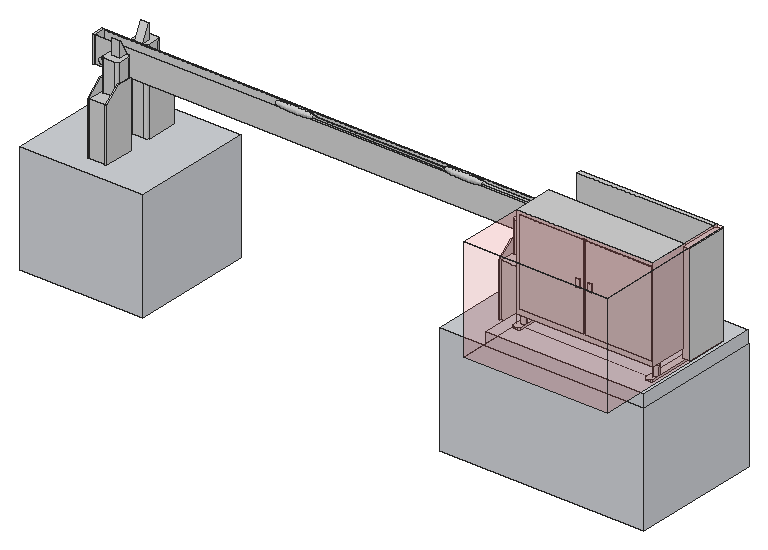
Revit family "Barrier_Gate-Assembly_AutoGate_Shield-M30", category Generic Models, Revit 2015
Parameters (values of type "as Specified")
  lightcontrol [instance] = Clear Opening Width / 2  # 8' - 0"
  gateclear [instance] = 1' - 3"  # constant formula
  Warranty Duration (Years) = 0
  Warning Light Color [instance] = none
  Unit Width [instance] = Clear Opening Width + 1' 8" + 1' 9"  # 19' - 5"
  Unit Height [instance] = 8' - 0"
  Unit Depth = 0' - 4"
  URL = "http://autogate.com/"
  Standards Conformance = "ASTM F2656 M30/P1  ;  DOS K4/L3"
  Specification = "http://www.arcat.com/sdspecs/htm04/32_31_00saf.htm"
  SpecWizard = ""
  Space Below Gate [instance] = 0' - 3"
  Show Default Concrete Foundation [instance] = yes
  Show Clearance Box for Operator Maintenance [instance] = yes
  Shield Arm Color [instance] = Metal - Aluminum - Finish as Specified
  Send Message = ""
  Sales Information = "http://autogate.com/about-us/contact/"
  Revision = "R1_2016-11"
  Product Properties = ""
  Product Data = "http://www.arcat.com/arcatcos/cos48/arc48891.html"
  Model = "The Shield M30"
  Maximum Clear Opening [instance] = 20' - 0"  # constant formula
  Mass Interior Design Shape Visible [instance] = yes
  Manufacturer Website = "http://autogate.com/"
  Manufacturer Phone - Toll Free = "800-944-4283"
  Manufacturer Phone = "419-588-2796"
  Manufacturer Fax = "419-588-3514"
  Manufacturer Address = "7306 Driver Rd.  P. O. Box 50  Berlin Heights, OH 44814"
  Manufacturer = "AutoGate, Inc"
  Maintenance Schedule (Months) = 0
  Lift Travel Speed = "7 - 14 seconds"
  Keynote = "32 21 00"
  Installation-Fabrication = ""
  Installation Phase = ""
  Include Warning Lights [instance] = yes
  Has Battery Backup = no
  Hardware Finish [instance] = Metal - Aluminum - Finish as Specified
  Green Building-LEED = ""
  Frame Finish [instance] = Metal - Aluminum - Finish as Specified
  Expected Lifespan (Years) = 0
  Electrical_Voltage = 115 V
  Drawn By = "Sumex Design, Inc. / Robert S. Weygant, CSI, CDT, SCIP"
  Description = "AutoGate Anti-Ram M30 Vertical Pivot Gate - The Shield with Arm Design as Specified"
  Default Elevation = 0' - 0"
  Cover Finish [instance] = Metal - Aluminum - Finish as Specified
  Copyright = "©Arcat Inc."
  Construction Details = "http://www.arcat.com/details/autogate/autogate.html?coid=48891"
  Clearance Material [instance] = ARCAT Clearance
  Clear Opening Width [instance] = 16' - 0"
  Bottom Rail Height [instance] = 0' - 2"  # constant formula
  Barrier Open [instance] = not(Barrier Closed)  # no
  Barrier Interior Material [instance] = Metal - Linked Aluminum - Finish as Specified
  Barrier Closed [instance] = yes
  Available Options [instance] = "as Specified"
  Assembly Code = "E1030900"
Reference planes (in)
  plane 1 "Center (Front/Back)": y = 0
  plane 2 "Bottom": z = 0
  plane 3 "Center (Left/Right)": x = 0
  plane 4: x = -96
  plane 5: x = 96
  plane 6: z = 15
  plane 7: x = 114
  plane 8: z = 36
  plane 9: z = 228
Forms (in)
  Extrusion 1, solid, visible <- "Show Default Concrete Foundation"
    sketch origin (0, 0, 0) x (1, 0, 0) y (0, 1, 0)
      loop
        line (-130.75, 30) -> (-130.75, -30) -> (-70.75, -30) -> (-70.75, 30) -> (-130.75, 30)
      loop
        line (82.75, -40) -> (182.75, -40) -> (182.75, 24) -> (82.75, 24) -> (82.75, -40)
    from 0 to -54
  Extrusion 2, solid, visible <- "Show Default Concrete Foundation"
    sketch origin (0, 0, 0) x (1, 0, 0) y (0, 1, 0)
      loop
        line (105.5, 24) -> (105.5, -40) -> (182.75, -40) -> (182.75, 24) -> (105.5, 24)
    from 0 to 6
  Extrusion 3, solid, material "Metal - Aluminum - Finish as Specified" <- "Hardware Finish"
    sketch origin (0, 0, 0) x (1, 0, 0) y (0, 1, 0)
      loop
        line (-98, -5) -> (-103.5, -5)
        arc (-103.5, -5) -> (-104.38388, -5.36612) -> (-104.75, -6.25) r 1.25
        line (-104.75, -6.25) -> (-104.75, -11.75)
        arc (-104.75, -11.75) -> (-104.38388, -12.63388) -> (-103.5, -13) r 1.25
        line (-103.5, -13) -> (-98, -13)
        arc (-98, -13) -> (-97.11612, -12.63388) -> (-96.75, -11.75) r 1.25
        line (-96.75, -11.75) -> (-96.75, -6.25)
        arc (-96.75, -6.25) -> (-97.11612, -5.36612) -> (-98, -5) r 1.25
      loop
        arc (-98, 5) -> (-97.11612, 5.36612) -> (-96.75, 6.25) r 1.25
        line (-96.75, 6.25) -> (-96.75, 11.75)
        arc (-96.75, 11.75) -> (-97.11612, 12.63388) -> (-98, 13) r 1.25
        line (-98, 13) -> (-103.5, 13)
        arc (-103.5, 13) -> (-104.38388, 12.63388) -> (-104.75, 11.75) r 1.25
        line (-104.75, 11.75) -> (-104.75, 6.25)
        arc (-104.75, 6.25) -> (-104.38388, 5.36612) -> (-103.5, 5) r 1.25
        line (-103.5, 5) -> (-98, 5)
      loop
        arc (98, -5) -> (97.11612, -5.36612) -> (96.75, -6.25) r 1.25
        line (96.75, -6.25) -> (96.75, -11.75)
        arc (96.75, -11.75) -> (97.11612, -12.63388) -> (98, -13) r 1.25
        line (98, -13) -> (103.5, -13)
        arc (103.5, -13) -> (104.38388, -12.63388) -> (104.75, -11.75) r 1.25
        line (104.75, -11.75) -> (104.75, -6.25)
        arc (104.75, -6.25) -> (104.38388, -5.36612) -> (103.5, -5) r 1.25
        line (103.5, -5) -> (98, -5)
      loop
        line (98, 5) -> (103.5, 5)
        arc (103.5, 5) -> (104.38388, 5.36612) -> (104.75, 6.25) r 1.25
        line (104.75, 6.25) -> (104.75, 11.75)
        arc (104.75, 11.75) -> (104.38388, 12.63388) -> (103.5, 13) r 1.25
        line (103.5, 13) -> (98, 13)
        arc (98, 13) -> (97.11612, 12.63388) -> (96.75, 11.75) r 1.25
        line (96.75, 11.75) -> (96.75, 6.25)
        arc (96.75, 6.25) -> (97.11612, 5.36612) -> (98, 5) r 1.25
    from 0 to 41
  Extrusion 4, solid, material "Metal - Aluminum - Finish as Specified" <- "Shield Arm Color", visible <- "Barrier Closed"
    sketch origin (0, 0, 0) x (1, 0, 0) y (0, 0, 1)
      loop
        line (-116, 42.5) -> (-116, 29.5) -> (118, 29.5) -> (118, 42.5) -> (-116, 42.5)
    from 2.5574 to 2.77886
  Extrusion 5, solid, material "Metal - Aluminum - Finish as Specified" <- "Shield Arm Color", visible <- "Barrier Closed"
    sketch origin (0, 0, 0) x (1, 0, 0) y (0, 0, -1)
      loop
        line (-116, -42.5) -> (118, -42.5) -> (118, -29.5) -> (-116, -29.5) -> (-116, -42.5)
    from 2.5574 to 2.77886
  Extrusion 6, solid, material "Metal - Aluminum - Finish as Specified" <- "Shield Arm Color", visible <- "Barrier Open"
    sketch origin (127.5, 0, 141.5) x (0, 0, -1) y (1, 0, 0)
      loop
        line (-106.75, 11.5) -> (-106.75, -3) -> (105.5, -3) -> (105.5, 11.5) -> (-106.75, 11.5)
    from 2.5574 to 2.77886
  Extrusion 7, solid, material "Metal - Aluminum - Finish as Specified" <- "Shield Arm Color", visible <- "Barrier Open"
    sketch origin (127.5, 0, 141.5) x (0, 0, -1) y (-1, 0, 0)
      loop
        line (-106.75, -11.5) -> (105.5, -11.5) -> (105.5, 3) -> (-106.75, 3) -> (-106.75, -11.5)
    from 2.5574 to 2.77886
  Extrusion 8, solid, material "Metal - Aluminum - Finish as Specified" <- "Shield Arm Color", visible <- "Barrier Closed"
    sketch origin (0, 0, 0) x (1, 0, 0) y (0, 0, 1)
      loop
        line (-117, 42.5) -> (-117, 29.5) -> (-116, 29.5) -> (-116, 42.5) -> (-117, 42.5)
    from -2.77886 to 2.77886
  Extrusion 9, solid, material "Metal - Aluminum - Finish as Specified" <- "Shield Arm Color", visible <- "Barrier Open"
    sketch origin (0, 0, 0) x (1, 0, 0) y (0, 0, 1)
      loop
        line (124.5, 248.25) -> (139, 248.25) -> (139, 249.25) -> (124.5, 249.25) -> (124.5, 248.25)
    from -2.77886 to 2.77886
  Extrusion 10, solid, material "Metal - Aluminum - Finish as Specified" <- "Hardware Finish"
    sketch origin (-96, -180, 63.31719) x (0, 0, 1) y (0, -1, 0)
      loop
        line (-22.31719, -175) -> (-14.81719, -171) -> (-22.31719, -171) -> (-22.31719, -175)
      loop
        line (-22.31719, -185) -> (-22.31719, -189) -> (-14.81719, -189) -> (-22.31719, -185)
    from -6.75 to -2.75
  Extrusion 11, solid, material "Metal - Aluminum - Finish as Specified" <- "Hardware Finish"
    sketch origin (-96, -180, 63.31719) x (0, 0, 1) y (0, -1, 0)
      loop
        line (-63.31719, -174) -> (-31.31719, -174) -> (-31.31719, -167) -> (-37.31719, -159.5) -> (-63.31719, -159.5) -> (-63.31719, -174)
    from 0 to -0.75
  Extrusion 12, solid, material "Metal - Aluminum - Finish as Specified" <- "Hardware Finish"
    sketch origin (-96, -180, 63.31719) x (0, 0, 1) y (0, -1, 0)
      loop
        line (-63.31719, -174) -> (-31.31719, -174) -> (-31.31719, -167) -> (-37.31719, -159.5) -> (-63.31719, -159.5) -> (-63.31719, -174)
    from -9.5 to -8.75
  Extrusion 13, solid, material "Metal - Aluminum - Finish as Specified" <- "Hardware Finish"
    sketch origin (-96, 180, 63.31719) x (0, 0, 1) y (0, -1, 0)
      loop
        line (-63.31719, 174) -> (-63.31719, 159.5) -> (-37.31719, 159.5) -> (-31.31719, 167) -> (-31.31719, 174) -> (-63.31719, 174)
    from 0 to -0.75
  Extrusion 14, solid, material "Metal - Aluminum - Finish as Specified" <- "Hardware Finish"
    sketch origin (-96, 180, 63.31719) x (0, 0, 1) y (0, -1, 0)
      loop
        line (-63.31719, 174) -> (-63.31719, 159.5) -> (-37.31719, 159.5) -> (-31.31719, 167) -> (-31.31719, 174) -> (-63.31719, 174)
    from -9.5 to -8.75
  Extrusion 15, solid, material "Metal - Aluminum - Finish as Specified" <- "Hardware Finish"
    sketch origin (0, 0, 0) x (1, 0, 0) y (0, 1, 0)
      loop
        line (-104.75, -11.75) -> (-104.75, -20.25) -> (-96.75, -20.25) -> (-96.75, -11.75) -> (-104.75, -11.75)
      loop
        line (-104.75, 11.75) -> (-96.75, 11.75) -> (-96.75, 20.25) -> (-104.75, 20.25) -> (-104.75, 11.75)
      loop
        line (104.75, -11.75) -> (96.75, -11.75) -> (96.75, -20.25) -> (104.75, -20.25) -> (104.75, -11.75)
      loop
        line (104.75, 11.75) -> (104.75, 20.25) -> (96.75, 20.25) -> (96.75, 11.75) -> (104.75, 11.75)
    from 0 to 25.96348
  Extrusion 16, solid, material "Metal - Aluminum - Finish as Specified" <- "Hardware Finish"
    sketch origin (96, -180, 63.31719) x (0, 0, 1) y (0, -1, 0)
      loop
        line (-63.31719, -174) -> (-31.31719, -174) -> (-31.31719, -167) -> (-37.31719, -159.5) -> (-63.31719, -159.5) -> (-63.31719, -174)
    from 0 to 0.75
  Extrusion 17, solid, material "Metal - Aluminum - Finish as Specified" <- "Hardware Finish"
    sketch origin (96, -180, 63.31719) x (0, 0, 1) y (0, -1, 0)
      loop
        line (-63.31719, -174) -> (-31.31719, -174) -> (-31.31719, -167) -> (-37.31719, -159.5) -> (-63.31719, -159.5) -> (-63.31719, -174)
    from 9.5 to 8.75
  Extrusion 18, solid, material "Metal - Aluminum - Finish as Specified" <- "Hardware Finish"
    sketch origin (96, -180, 63.31719) x (0, 0, 1) y (0, -1, 0)
      loop
        line (-63.31719, -186) -> (-63.31719, -200.5) -> (-37.31719, -200.5) -> (-31.31719, -193) -> (-31.31719, -186) -> (-63.31719, -186)
    from 0 to 0.75
  Extrusion 19, solid, material "Metal - Aluminum - Finish as Specified" <- "Hardware Finish"
    sketch origin (96, -180, 63.31719) x (0, 0, 1) y (0, -1, 0)
      loop
        line (-63.31719, -186) -> (-63.31719, -200.5) -> (-37.31719, -200.5) -> (-31.31719, -193) -> (-31.31719, -186) -> (-63.31719, -186)
    from 9.5 to 8.75
  Extrusion 20, solid, material "Metal - Aluminum - Finish as Specified" <- "Shield Arm Color"
    sketch origin (0, 0, 0) x (1, 0, 0) y (0, 0, 1)
      loop
        circle (-109, 35.5) r 1.25
      loop
        circle (106.25, 35.5) r 1.25
    from 7.5 to -7.5
Cuts and joins
  joined: Extrusion 3, Extrusion 11, Extrusion 12, Extrusion 13, Extrusion 14, Extrusion 15, Extrusion 16, Extrusion 17, Extrusion 18, Extrusion 19
Lines and regions (in)
  reference lines
    curve 1: line (114, 0, 15) -> (114, 0, 24.25)
Dimensions and locks (in)
  equal spacing: plane 5, plane 3 "Center (Left/Right)", plane 4
  "Clear Opening Width": plane 5 to plane 4
  plane 7 to plane 5 = 1' - 6"
  locked: plane 6 to level at 15
  locked: plane 8 to plane 6 at 21
  "Clear Opening Width": plane 9 to plane 8
  plane 5 to Extrusion 2 sketch curve to Extrusion 2 sketch curve = 0' - 9 1/2" locked, 6' - 5 1/4" locked
  locked: plane 4 to Extrusion 4 sketch curve at 20
  locked: plane 4 to Extrusion 5 sketch curve at 20
  locked: Extrusion 4 sketch curve to plane 5 at 22
  locked: Extrusion 5 sketch curve to plane 5 at 22
  Extrusion 4 sketch curve to level = 2' - 5 1/2"
  locked: Extrusion 4 sketch curve to Extrusion 4 sketch curve at 13
  Extrusion 5 sketch curve to Extrusion 5 sketch curve to level = 1' - 1" locked, 2' - 5 1/2" locked
  locked: Extrusion 6 sketch curve to plane 9 at 20.25
  locked: Extrusion 7 sketch curve to plane 9 at 20.25
  plane 4 to Extrusion 8 sketch curve to Extrusion 8 sketch curve = 1' - 8" locked, 0' - 1" locked
  Extrusion 8 sketch curve to Extrusion 8 sketch curve to plane 2 "Bottom" = 1' - 1" locked, 2' - 5 1/2" locked
  locked: Extrusion 9 sketch curve to Extrusion 9 sketch curve at 14.5
  Extrusion 9 sketch curve to Extrusion 9 sketch curve to plane 9 = 0' - 1" locked, 1' - 8 1/4" locked
  Extrusion 6 sketch curve to Extrusion 6 sketch curve to plane 5 = 1' - 2 1/2" locked, 2' - 4 1/2" locked
  Extrusion 7 sketch curve to Extrusion 7 sketch curve to plane 5 = 1' - 2 1/2" locked, 2' - 4 1/2" locked
  Extrusion 11 sketch curve to Extrusion 11 sketch curve to plane 2 "Bottom" to Extrusion 11 sketch curve = 0' - 6" locked, 2' - 2" locked, 0' - 0" locked
  Extrusion 12 sketch curve to Extrusion 12 sketch curve to plane 2 "Bottom" to Extrusion 12 sketch curve = 0' - 6" locked, 2' - 2" locked, 0' - 0" locked
  Extrusion 13 sketch curve to Extrusion 13 sketch curve to plane 2 "Bottom" to Extrusion 13 sketch curve = 0' - 6" locked, 2' - 2" locked, 0' - 0" locked
  Extrusion 14 sketch curve to Extrusion 14 sketch curve to plane 2 "Bottom" to Extrusion 14 sketch curve = 0' - 6" locked, 2' - 2" locked, 0' - 0" locked
  Extrusion 3 sketch curve to Extrusion 3 sketch curve to plane 1 "Center (Front/Back)" to Extrusion 3 sketch curve to Extrusion 3 sketch curve = 0' - 8" locked, 0' - 5" locked, 0' - 5" locked, 0' - 8" locked  (x2)
  Extrusion 16 sketch curve to Extrusion 16 sketch curve to Extrusion 16 sketch curve = 0' - 6" locked, 2' - 2"
  Extrusion 17 sketch curve to Extrusion 17 sketch curve to Extrusion 17 sketch curve = 0' - 6" locked, 2' - 2"
  Extrusion 18 sketch curve to Extrusion 18 sketch curve to Extrusion 18 sketch curve = 0' - 6" locked, 2' - 2"
  Extrusion 19 sketch curve to Extrusion 19 sketch curve to Extrusion 19 sketch curve = 0' - 6" locked, 2' - 2"
  locked: plane 2 "Bottom" to Extrusion 17 sketch curve at 0
  locked: plane 2 "Bottom" to Extrusion 16 sketch curve at 0
  locked: plane 2 "Bottom" to Extrusion 19 sketch curve at 0
  locked: plane 2 "Bottom" to Extrusion 18 sketch curve at 0
  locked: plane 1 "Center (Front/Back)" to Extrusion 1 sketch curve at 24
  locked: Extrusion 1 sketch curve to Extrusion 1 sketch curve at 64
  locked: Extrusion 1 sketch curve to plane 5 at 13.25
  locked: Extrusion 1 sketch curve to Extrusion 1 sketch curve at 100
  Extrusion 1 sketch curve to plane 1 "Center (Front/Back)" to Extrusion 1 sketch curve = 2' - 6" locked, 2' - 6" locked
  locked: plane 4 to Extrusion 1 sketch curve at 25.25
  locked: Extrusion 1 sketch curve to Extrusion 1 sketch curve at 60
  locked: Extrusion 9 sketch curve to plane 5 at 28.5
  aligned and locked: plane 7 to curve 1
  aligned and locked: plane 6 to curve 1
  aligned and locked: plane 8 to Extrusion 6 sketch curve
  aligned and locked: Extrusion 7 sketch curve to plane 8
  aligned and locked: plane 5 to nested 1
Automatic sketch dimensions
  curve 1 to curve 1 = 0' - 9 1/4"
  Extrusion 3 sketch curve to plane 4 = 0' - 8 3/4"  (x2)
  Extrusion 3 sketch curve to Extrusion 3 sketch curve = 0' - 1 1/4"  (x10)
  Extrusion 3 sketch curve to plane 4 = 0' - 2"  (x4)
  Extrusion 3 sketch curve to plane 4 = 0' - 0 3/4"  (x2)
  plane 5 to Extrusion 3 sketch curve = 0' - 0 3/4"  (x2)
  Extrusion 3 sketch curve to Extrusion 3 sketch curve = 0' - 5 1/2"  (x2)
  Extrusion 3 sketch curve to Extrusion 3 sketch curve = 0' - 0"  (x2)
  plane 1 "Center (Front/Back)" to Extrusion 11 sketch curve = 0' - 6"
  Extrusion 11 sketch curve to Extrusion 11 sketch curve = 0' - 7"
  Extrusion 11 sketch curve to Extrusion 11 sketch curve = 1' - 2 1/2"
  plane 1 "Center (Front/Back)" to Extrusion 12 sketch curve = 0' - 6"
  Extrusion 12 sketch curve to Extrusion 12 sketch curve = 0' - 7"
  Extrusion 12 sketch curve to Extrusion 12 sketch curve = 1' - 2 1/2"
  Extrusion 13 sketch curve to plane 1 "Center (Front/Back)" = 1' - 8 1/2"
  Extrusion 13 sketch curve to Extrusion 13 sketch curve = 0' - 7 1/2"
  Extrusion 13 sketch curve to plane 1 "Center (Front/Back)" = 0' - 6"
  Extrusion 14 sketch curve to plane 1 "Center (Front/Back)" = 1' - 8 1/2"
  Extrusion 14 sketch curve to Extrusion 14 sketch curve = 0' - 7 1/2"
  Extrusion 14 sketch curve to plane 1 "Center (Front/Back)" = 0' - 6"
  Extrusion 15 sketch curve to plane 4 = 0' - 8 3/4"  (x2)
  Extrusion 15 sketch curve to plane 4 = 0' - 0 3/4"  (x2)
  plane 5 to Extrusion 15 sketch curve = 0' - 0 3/4"  (x2)
  Extrusion 15 sketch curve to Extrusion 15 sketch curve = 0' - 8"  (x2)
  plane 1 "Center (Front/Back)" to Extrusion 15 sketch curve = 1' - 8 1/4"  (x2)
  Extrusion 15 sketch curve to Extrusion 15 sketch curve = 0' - 8 1/2"  (x4)
  Extrusion 15 sketch curve to plane 1 "Center (Front/Back)" = 0' - 11 3/4"  (x2)
  plane 1 "Center (Front/Back)" to Extrusion 17 sketch curve = 0' - 6"
  Extrusion 17 sketch curve to Extrusion 17 sketch curve = 0' - 7"
  Extrusion 17 sketch curve to Extrusion 17 sketch curve = 1' - 2 1/2"
  plane 1 "Center (Front/Back)" to Extrusion 16 sketch curve = 0' - 6"
  Extrusion 16 sketch curve to Extrusion 16 sketch curve = 0' - 7"
  Extrusion 16 sketch curve to Extrusion 16 sketch curve = 1' - 2 1/2"
  Extrusion 19 sketch curve to plane 1 "Center (Front/Back)" = 1' - 8 1/2"
  Extrusion 19 sketch curve to Extrusion 19 sketch curve = 0' - 7 1/2"
  Extrusion 19 sketch curve to plane 1 "Center (Front/Back)" = 0' - 6"
  Extrusion 18 sketch curve to plane 1 "Center (Front/Back)" = 1' - 8 1/2"
  Extrusion 18 sketch curve to Extrusion 18 sketch curve = 0' - 7 1/2"
  Extrusion 18 sketch curve to plane 1 "Center (Front/Back)" = 0' - 6"
  plane 1 "Center (Front/Back)" to Extrusion 2 sketch curve = 3' - 4"
  Extrusion 2 sketch curve to plane 1 "Center (Front/Back)" = 2' - 0"
  Extrusion 20 sketch curve to plane 8 = 0' - 0 1/2"  (x2)
  Extrusion 20 sketch curve to plane 4 = 1' - 1"
  Extrusion 20 sketch curve to plane 7 = 0' - 7 3/4"
  plane 8 to Extrusion 10 sketch curve = 0' - 5"  (x2)
  Extrusion 10 sketch curve to Extrusion 10 sketch curve = 0' - 7 1/2"  (x2)
  Extrusion 10 sketch curve to Extrusion 10 sketch curve = 0' - 4"  (x2)
  plane 1 "Center (Front/Back)" to Extrusion 10 sketch curve = 0' - 5"
  Extrusion 10 sketch curve to plane 1 "Center (Front/Back)" = 0' - 5"
  radius of Extrusion 20 sketch curve = 0' - 1 1/4"  (x2)
Nested families (in)
  nested 1: "Barrier_Gate-Operator_AutoGate_Pivot" at (177, 0, 6), Clearance Box Material <- "Clearance Material", Frame Finish <- "Cover Finish", Space Below Gate <- "Space Below Gate", Clearance Box for Maintenance <- "Show Clearance Box for Operator Maintenance", Closed <- "Barrier Closed", Open <- "Barrier Open", Clear Location <- "gateclear", Warning Light Color <- "Warning Light Color", Warning Lights <- "Include Warning Lights", Gate Width <- "Unit Width", Gate Height <- "Unit Height", lightcontrol <- "lightcontrol", type "as Specified"
    with warningopen no, warningclosed yes, lightcontrol 8' - 0", Warning Lights yes, Warning Light Color none, Space Below Gate 0' - 3", Open no, Gate Width 19' - 5", Gate Height 8' - 0", Gate Guard 0' - 3 1/2", Frame Finish Metal - Aluminum - Finish as Specified, Closed yes, Clearance Box for Maintenance yes, Clearance Box Material ARCAT Clearance, Clear Location 1' - 3", ArmOnly yes
Connectors (in)
  electrical at (183.51817, 10, 31.5), driven by "Electrical_Voltage"
    settings: on nested 1, index 1, voltage 115 V, apparent load 0 VA, apparent load phase1 0 VA, apparent load phase2 0 VA, apparent load phase3 0 VA, power factor 1, load classification "Other", number of poles 1, system type 31, power factor state 1, is connector primary yes, connector utility no, sub classification motor no, connector description ""
Definition of nested family "Barrier_Gate-Operator_AutoGate_Pivot"
  Parameters
    warningopen [instance] = and(Warning Lights, Open)  # yes
    warningclosed [instance] = and(Warning Lights, Closed)  # yes
    lightcontrol [instance] = 0' - 11.68129"
    Warranty Duration (Years) = 0
    Warning Lights [instance] = yes
    Warning Light Color [instance] = none
    Unit Height = 4' - 2"
    Unit Depth = 2' - 4"
    URL = ""
    Specification = ""
    SpecWizard = ""
    Space Below Gate [instance] = 0' - 3"
    Send Message = ""
    Sales Information = ""
    Revision = "R1_2016-11"
    Product Properties = ""
    Product Data = ""
    Open [instance] = yes
    Model = "As Specified"
    Manufacturer Website = ""
    Manufacturer Phone - Toll Free = ""
    Manufacturer Phone = ""
    Manufacturer Fax = ""
    Manufacturer Address = ""
    Manufacturer = ""
    Maintenance Schedule (Months) = 0
    Keynote = ""
    Installation-Fabrication = ""
    Installation Phase = ""
    Green Building-LEED = ""
    Gate Width [instance] = 10' - 0"
    Gate Height [instance] = 11' - 0"
    Gate Guard [instance] = if(ArmOnly, 0' 3 1/2", if(Gate Height < 6' 0", 0' 2 1/2", if(Gate Height < 7' 0", 0' 5 1/2", if(Gate Height < 8' 0", 1' 6 5/8", if(Gate Height < 9' 0", 2' 6 5/8", if(Gate Height < 10' 0", 3' 6 5/8", 0' 3 1/2"))))))  # 0' - 3 1/2"
    Frame Finish [instance] = none
    Expected Lifespan (Years) = 0
    Drawn By = "Sumex Design, Inc. / Robert S. Weygant, CSI, CDT, SCIP"
    Description = ""
    Default Elevation = 0' - 0"
    Copyright = "©Arcat Inc."
    Construction Details = ""
    Closed [instance] = yes
    Clearance Box for Maintenance [instance] = yes
    Clearance Box Material [instance] = none
    Clear Location [instance] = 8' - 6.68129"
    Assembly Code = ""
    ArmOnly [instance] = yes
  Reference planes (in)
    plane 1 "Center (Front/Back)": y = 0
    plane 2 "Bottom": z = 0
    plane 3 "Center (Left/Right)": x = 0
    plane 4: x = -186
    plane 5: x = -66
    plane 6: z = 127
    plane 7: z = 7
    plane 8: x = 1
    plane 9: x = -168.68129
  Forms (in)
    Extrusion 1, solid, material <- "Frame Finish"
      sketch origin (0, 0, 0) x (1, 0, 0) y (0, 0, 1)
        loop
          line (-66, 5.0625) -> (1, 5.0625) -> (1, 50.6875) -> (-66, 50.6875) -> (-66, 5.0625)
      from 8.75 to 28.25
    Extrusion 2, solid, material <- "Frame Finish"
      sketch origin (0, 0, 0) x (1, 0, 0) y (0, 0, -1)
        loop
          line (-66, -5.0625) -> (-66, -50.6875) -> (1, -50.6875) -> (1, -5.0625) -> (-66, -5.0625)
      from 8.8125 to 10.8125
    Extrusion 3, solid, material <- "Frame Finish"
      sketch origin (0, 0, 0) x (1, 0, 0) y (0, 0, 1)
        loop
          line (4.5, 50) -> (1, 50) -> (1, 1) -> (4.5, 1) -> (4.5, 50)
      from -10 to 10
    Extrusion 4, solid, material <- "Frame Finish"
      sketch origin (0, 0, 0) x (1, 0, 0) y (0, 0, 1)
        loop
          line (-66, 5.0625) -> (1, 5.0625) -> (1, 7) -> (-66, 7) -> (-66, 5.0625)
      from -10 to 10
    Extrusion 5, solid, material <- "Frame Finish"
      sketch origin (0, -28.25, 0) x (1, 0, 0) y (0, 0, 1)
        loop
          line (-64, 7.8125) -> (-33, 7.8125) -> (-33, 49.1875) -> (-64, 49.1875) -> (-64, 7.8125)
        loop
          line (-32, 7.8125) -> (0.5, 7.8125) -> (0.5, 49.1875) -> (-32, 49.1875) -> (-32, 7.8125)
      from 0.28125 to 0
    Extrusion 6, solid, material <- "Frame Finish"
      sketch origin (0, -28.53125, 0) x (1, 0, 0) y (0, 0, 1)
        loop
          line (-36.49692, 31.23717) -> (-36.49692, 27.48717) -> (-34.74692, 27.48717) -> (-34.74692, 31.23717) -> (-36.49692, 31.23717)
        loop
          line (-30.49692, 31.23717) -> (-30.49692, 27.48717) -> (-28.74692, 27.48717) -> (-28.74692, 31.23717) -> (-30.49692, 31.23717)
      from 0.25 to 0
    Extrusion 7, solid, material <- "Clearance Box Material", visible <- "Clearance Box for Maintenance"
      sketch origin (0, 0, 0) x (1, 0, 0) y (0, 1, 0)
        loop
          line (-66, -28.25) -> (-66, -60.75) -> (4.5, -60.75) -> (4.5, 10.8125) -> (1, 10.8125) -> (1, -28.25) -> (-66, -28.25)
      from 0 to 50.6875
    Extrusion 8, solid, material <- "Frame Finish"
      sketch origin (0, 0, 0) x (1, 0, 0) y (0, 1, 0)
        loop
          line (-65.25, -31) -> (-63.25, -31) -> (-62.5, -30.25) -> (-62.5, 11.5) -> (-66, 11.5) -> (-66, -30.25) -> (-65.25, -31)
        loop
          line (-0.25, -31) -> (1.75, -31) -> (2.5, -30.25) -> (2.5, 11.5) -> (-1, 11.5) -> (-1, -30.25) -> (-0.25, -31)
      from 0 to 0.75
    Extrusion 9, solid, material <- "Frame Finish"
      sketch origin (0, 0, 0) x (1, 0, 0) y (0, 1, 0)
        loop
          circle (-64.26725, -25.91368) r 1.25
        loop
          circle (-64.26725, 8.33632) r 1.25
        loop
          circle (0.73275, -25.91368) r 1.25
        loop
          circle (0.73275, 8.33632) r 1.25
      from 0.75 to 5.0625
    Revolve 10, solid, material <- "Frame Finish", visible <- "warningclosed"
      sketch origin (0, -4, 0) x (1, 0, 0) y (0, 0, 1)
        loop
          line (-66, 39) -> (-66, 39.5) -> (-102, 39.5)
          spline (-102, 39.5) -> (-102.30667, 39.75882) -> (-103.20577, 40) -> (-104.63604, 40.20711) -> (-106.5, 40.36603) -> (-108.67063, 40.46593) -> (-111, 40.5) -> (-113.32937, 40.46593) -> (-115.5, 40.36603) -> (-117.36396, 40.20711) -> (-118.79423, 40) -> (-119.69333, 39.75882) -> (-120, 39.5)
          line (-120, 39.5) -> (-156.31871, 39.5)
          spline (-156.31871, 39.5) -> (-156.62538, 39.75882) -> (-157.52448, 40) -> (-158.95475, 40.20711) -> (-160.81871, 40.36603) -> (-162.98934, 40.46593) -> (-165.31871, 40.5) -> (-167.64808, 40.46593) -> (-169.81871, 40.36603) -> (-171.68267, 40.20711) -> (-173.11294, 40) -> (-174.01205, 39.75882) -> (-174.31871, 39.5)
          line (-174.31871, 39.5) -> (-174.31871, 39) -> (-66, 39)
        axis (-66, 39) -> (-174.31871, 39)
      angle from 0 to 360
    Revolve 11, solid, material <- "Frame Finish", visible <- "warningopen"
      sketch origin (-81.80695, -4, -31.6887) x (0, 0, -1) y (1, 0, 0)
        loop
          line (-38.75, 48.80695) -> (-38.75, 49.30695) -> (-74.75, 49.30695)
          spline (-74.75, 49.30695) -> (-75.05667, 49.56577) -> (-75.95577, 49.80695) -> (-77.38604, 50.01405) -> (-79.25, 50.17297) -> (-81.42063, 50.27287) -> (-83.75, 50.30695) -> (-86.07937, 50.27287) -> (-88.25, 50.17297) -> (-90.11396, 50.01405) -> (-91.54423, 49.80695) -> (-92.44333, 49.56577) -> (-92.75, 49.30695)
          line (-92.75, 49.30695) -> (-129.00741, 49.30695)
          spline (-129.00741, 49.30695) -> (-129.31408, 49.56577) -> (-130.21319, 49.80695) -> (-131.64345, 50.01405) -> (-133.50741, 50.17297) -> (-135.67804, 50.27287) -> (-138.00741, 50.30695) -> (-140.33679, 50.27287) -> (-142.50741, 50.17297) -> (-144.37138, 50.01405) -> (-145.80164, 49.80695) -> (-146.70075, 49.56577) -> (-147.00741, 49.30695)
          line (-147.00741, 49.30695) -> (-147.00741, 48.80695) -> (-38.75, 48.80695)
        axis (-38.75, 48.80695) -> (-147.00741, 48.80695)
      angle from 0 to 360
  Cuts and joins
    joined: Extrusion 1, Extrusion 2, Extrusion 4
  Dimensions and locks (in)
    locked: plane 3 "Center (Left/Right)" to plane 5 at 66
    "Gate Width": plane 4 to plane 5
    Revolve 10 sketch curve to level = 3' - 3"
    locked: Revolve 10 sketch curve to plane 5 at 36
    locked: Revolve 10 sketch curve to Revolve 10 sketch curve at 18  (x2)
    "Gate Guard": Extrusion 3 sketch curve to plane 8
    "Gate Guard": plane 8 to Extrusion 7 sketch curve
    locked: plane 7 to level at 7
    "Gate Width": plane 6 to plane 7
    locked: Revolve 11 sketch curve to Revolve 11 sketch curve at 18  (x2)
    locked: plane 8 to plane 3 "Center (Left/Right)" at 1
    locked: plane 5 to Revolve 11 sketch curve at 33
    "lightcontrol": plane 6 to Revolve 11 sketch curve
    locked: Revolve 11 sketch curve to plane 7 at 36.0613
    "Clear Location": plane 9 to plane 5
    "lightcontrol": Revolve 10 sketch curve to plane 4
  Automatic sketch dimensions
    plane 5 to Extrusion 1 sketch curve = 0' - 0"
    plane 3 "Center (Left/Right)" to Extrusion 1 sketch curve = 0' - 1"
    Extrusion 1 sketch curve to plane 7 = 0' - 1 15/16"
    plane 7 to Extrusion 1 sketch curve = 3' - 7 11/16"
    plane 5 to Extrusion 2 sketch curve = 0' - 0"
    plane 3 "Center (Left/Right)" to Extrusion 2 sketch curve = 0' - 1"
    plane 7 to Extrusion 2 sketch curve = 3' - 7 11/16"
    Extrusion 2 sketch curve to plane 7 = 0' - 1 15/16"
    plane 3 "Center (Left/Right)" to Extrusion 3 sketch curve = 0' - 1"
    level to Extrusion 3 sketch curve = 0' - 1"
    plane 7 to Extrusion 3 sketch curve = 3' - 7"
    plane 5 to Extrusion 4 sketch curve = 0' - 0"
    Extrusion 4 sketch curve to plane 7 = 0' - 0"
    plane 3 "Center (Left/Right)" to Extrusion 4 sketch curve = 0' - 1"
    Extrusion 4 sketch curve to plane 7 = 0' - 1 15/16"
    Extrusion 5 sketch curve to Extrusion 1 = 0' - 2"
    Extrusion 5 sketch curve to Extrusion 1 = 0' - 2 3/4"  (x2)
    Extrusion 5 sketch curve to Extrusion 5 sketch curve = 2' - 7"
    Extrusion 5 sketch curve to Extrusion 5 sketch curve = 0' - 1"
    Extrusion 5 sketch curve to Extrusion 1 = 0' - 0 1/2"
    Extrusion 5 sketch curve to Extrusion 1 = 0' - 1 1/2"
    Extrusion 5 sketch curve to Extrusion 5 sketch curve = 0' - 0"
    Extrusion 6 sketch curve to Extrusion 5 = 0' - 3.49692"
    Extrusion 6 sketch curve to Extrusion 5 = 0' - 1.74692"
    Extrusion 6 sketch curve to Extrusion 5 = 0' - 1.50308"
    Extrusion 6 sketch curve to Extrusion 6 sketch curve = 0' - 1 3/4"
    Extrusion 6 sketch curve to Extrusion 5 = 1' - 7.67467"
    Extrusion 6 sketch curve to Extrusion 6 sketch curve = 0' - 0"
    Extrusion 6 sketch curve to Extrusion 6 sketch curve = 0' - 3 3/4"  (x2)
    Extrusion 7 sketch curve to plane 5 = 0' - 0"
    plane 3 "Center (Left/Right)" to Extrusion 7 sketch curve = 0' - 1"
    plane 1 "Center (Front/Back)" to Extrusion 7 sketch curve = 5' - 0 3/4"
    plane 1 "Center (Front/Back)" to Extrusion 7 sketch curve = 2' - 4 1/4"
    Extrusion 7 sketch curve to plane 1 "Center (Front/Back)" = 0' - 10 13/16"
    Extrusion 8 sketch curve to plane 5 = 0' - 0"
    Extrusion 8 sketch curve to plane 5 = 0' - 0 3/4"
    Extrusion 8 sketch curve to Extrusion 8 sketch curve = 0' - 2"
    Extrusion 8 sketch curve to Extrusion 8 sketch curve = 0' - 3 1/2"
    Extrusion 8 sketch curve to plane 3 "Center (Left/Right)" = 0' - 1"
    Extrusion 8 sketch curve to plane 3 "Center (Left/Right)" = 0' - 0 1/4"
    plane 3 "Center (Left/Right)" to Extrusion 8 sketch curve = 0' - 1 3/4"
    plane 3 "Center (Left/Right)" to Extrusion 8 sketch curve = 0' - 2 1/2"
    plane 1 "Center (Front/Back)" to Extrusion 8 sketch curve = 2' - 7"  (x2)
    Extrusion 8 sketch curve to Extrusion 8 sketch curve = 0' - 0 3/4"  (x4)
    Extrusion 8 sketch curve to plane 1 "Center (Front/Back)" = 0' - 11 1/2"  (x2)
    Extrusion 9 sketch curve to plane 5 = 0' - 1.73275"  (x2)
    plane 3 "Center (Left/Right)" to Extrusion 9 sketch curve = 0' - 0.73275"  (x2)
    plane 1 "Center (Front/Back)" to Extrusion 9 sketch curve = 2' - 1.91368"  (x2)
    Extrusion 9 sketch curve to plane 1 "Center (Front/Back)" = 0' - 8.33632"  (x2)
    plane 5 to Revolve 10 sketch curve = 0' - 0"  (x2)
    Revolve 10 sketch curve to Revolve 10 sketch curve = 0' - 0"
    plane 7 to Revolve 10 sketch curve = 2' - 8 1/2"
    Revolve 10 sketch curve to plane 9 = 0' - 2.63743"
    plane 7 to Revolve 11 sketch curve = 0' - 0.0613"
    Revolve 11 sketch curve to Revolve 11 sketch curve = 0' - 0"  (x2)
    Revolve 11 sketch curve to plane 3 "Center (Left/Right)" = 2' - 8 1/2"
    Revolve 11 sketch curve to Revolve 11 sketch curve = 0' - 3"
    radius of Extrusion 9 sketch curve = 0' - 1 1/4"  (x4)
